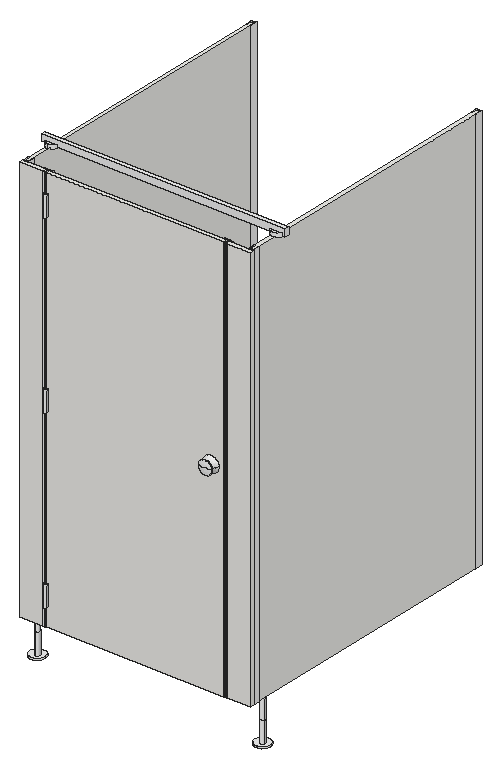
Revit family "Alsanit - Kabiny sanitarne LIFT - LPW", category Doors, Revit 2020 (continued)
Definition of nested family "front"
  Forms (mm)
    Extrusion 7, solid, material <- "Materiał okuć", detail levels fine
      sketch origin (42.235, -68.236, -0.053) x (-0.601815, 0.798636, 0) y (0, 0, -1)
        loop
          arc (99.218, -1782.976) -> (102.86, -1785.747) -> (104.856, -1789.865) r 9.85
      from 0 to -7.113
    Extrusion 8, solid, material <- "Materiał okuć", detail levels fine
      sketch origin (-42.235, -68.236, -0.053) x (0.601815, 0.798636, 0) y (0, 0, 1)
        loop
          arc (104.856, 1789.865) -> (102.86, 1785.747) -> (99.218, 1782.976) r 9.85
          arc (99.218, 1782.976) -> (92.474, 1781.484) -> (85.678, 1782.715) r 17.523
          line (85.678, 1782.715) -> (85.678, 1777.445) -> (92.979, 1777.445)
          arc (92.979, 1777.445) -> (100.618, 1778.3) -> (108.108, 1780.03) r 66.588
          arc (108.108, 1780.03) -> (112.823, 1783.23) -> (114.787, 1788.58) r 9.3
          arc (114.787, 1788.58) -> (110.41, 1793.768) -> (104.856, 1789.865) r 5.027
      from 0 to -7.113
    Revolve 9, solid, material <- "Materiał okuć", visible <- "Drzwi wewnętrzne", detail levels fine
      sketch origin (-489.895, 7, 1200) x (-1, 0, 0) y (0, 0, -1)
        loop
          line (-32.895, 43.25) -> (-32.895, 136.75) -> (-39.895, 136.75) -> (-39.895, 43.25) -> (-32.895, 43.25)
        loop
          line (-32.895, 833.25) -> (-32.895, 926.75) -> (-39.895, 926.75) -> (-39.895, 833.25) -> (-32.895, 833.25)
        loop
          line (-32.895, -746.75) -> (-32.895, -653.25) -> (-39.895, -653.25) -> (-39.895, -746.75) -> (-32.895, -746.75)
        axis (-39.895, -746.75) -> (-39.895, 926.75)
      angle from 0 to 360
    Revolve 10, solid, material <- "Materiał okuć", detail levels fine
      sketch origin (0, 0, 1110) x (1, 0, 0) y (0, 1, 0)
        loop
          line (461.5, 0) -> (469.5, 0) -> (469.5, 18) -> (448.5, 18) -> (448.5, 13) -> (463.5, 13) -> (463.5, 7) -> (461.5, 7) -> (461.5, 0)
        axis (469.5, 0) -> (469.5, 18)
      angle from 0 to 360
    Sweep 11, solid, material <- "Materiał okuć", detail levels fine
      path origin (0, 0, 0) x (1, 0, 0) y (0, 1, 0)
        loop
          line (393, 12) -> (393, 32)
      profile origin (393, 22, 0) x (-1, 0, 0) y (0, 0, 1)
        loop
          arc (20.5, 1118.773) -> (-10.746, 1124) -> (-42, 1118.822) r 96.453
          arc (-42, 1118.822) -> (-48.309, 1110) -> (-42, 1101.178) r 9.322
          arc (-42, 1101.178) -> (-9.312, 1096.012) -> (23.199, 1102.199) r 96.453
          arc (23.199, 1102.199) -> (26.818, 1111.295) -> (20.5, 1118.773) r 9.519
    SweptBlend 12, solid, material <- "Materiał okuć", detail levels fine
      path origin (0, 0, 0) x (1, 0, 0) y (0, 1, 0)
        loop
          line (393, 32) -> (393, 42)
      profile origin (393, 32, 0) x (-1, 0, 0) y (0, 0, 1)
        loop
          arc (-42, 1101.178) -> (-9.312, 1096.012) -> (23.199, 1102.199) r 96.453
          arc (23.199, 1102.199) -> (26.818, 1111.295) -> (20.5, 1118.773) r 9.519
          arc (20.5, 1118.773) -> (-10.746, 1124) -> (-42, 1118.822) r 96.453
          arc (-42, 1118.822) -> (-48.309, 1110) -> (-42, 1101.178) r 9.322
      end profile origin (393, 42, 0) x (-1, 0, 0) y (0, 0, 1)
        loop
          arc (18.881, 1114.042) -> (-10.748, 1119) -> (-40.384, 1114.09) r 91.453
          arc (-40.384, 1114.09) -> (-43.309, 1110) -> (-40.384, 1105.91) r 4.322
          arc (-40.384, 1105.91) -> (-9.822, 1101.005) -> (20.625, 1106.577) r 91.453
          arc (20.625, 1106.577) -> (21.823, 1110.793) -> (18.881, 1114.042) r 4.519
  Cuts and joins
    joined: Revolve 4, Sweep 5, Sweep 11, SweptBlend 12
    joined: Extrusion 6, Extrusion 7, Extrusion 8
  Lines and regions (mm)
    symbolic lines, visible <- "Drzwi zewnętrzne"
      curve 1: line (-450, -10, 0) -> (-450, -910, 0)
      curve 2: line (-450, -10, 0) -> (450, -10, 0)
      curve 3: arc (-450, -910, 0) -> (186.396, -646.396, 0) -> (450, -10, 0) r 900
    symbolic lines, visible <- "Drzwi wewnętrzne"
      curve 4: line (-450, 0, 0) -> (-450, 900, 0)
      curve 5: line (-450, 0, 0) -> (450, 0, 0)
      curve 6: arc (450, 0, 0) -> (186.396, 636.396, 0) -> (-450, 900, 0) r 900
  Dimensions and locks
    "Wysokość dolnej szczeliny": plane 5 to plane 2
    "Wysokość drzwi": plane 6 to plane 2
    "Grubość ścianki": plane 4 to plane 1 "Center (Front/Back)"
    locked: plane 9 to plane 7 at 57
    "Szerokość drzwi": plane 8 to plane 7
    equal spacing: plane 8, plane 3 "Center (Left/Right)", plane 7
    locked: plane 4 to plane 10 at 7
    plane 1 "Center (Front/Back)" to plane 13 to plane 12 = 7.00 mm locked, 5.00 mm locked
    locked: plane 9 to plane 15 at 76.5
    plane 6 to plane 16 to plane 17 = 83.25 mm locked, 93.50 mm locked
    locked: plane 14 to level at 1110
    "Szerokość drzwi": plane 4 to plane 18
    "Szerokość drzwi": plane 1 "Center (Front/Back)" to plane 19
    plane 9 to Revolve 4 sketch curve = 35.00 mm
    locked: plane 20 to plane 12 at 20
    locked: plane 21 to plane 20 at 10
    aligned and locked: level to plane 2
    aligned and locked: plane 6 to Sweep 1 sketch curve
    aligned and locked: plane 3 "Center (Left/Right)" to Sweep 1 sketch curve
    aligned and locked: plane 5 to Sweep 1 sketch curve
    aligned and locked: Sweep 1 sketch curve to plane 8
    aligned and locked: Sweep 1 sketch curve to plane 7
    aligned and locked: plane 8 to Revolve 3 sketch curve  (x2)
    aligned and locked: Sweep 1 sketch curve to plane 4
    aligned and locked: plane 13 to Sweep 5 sketch curve
    aligned and locked: plane 12 to Sweep 5 sketch curve
    aligned and locked: plane 7 to Sweep 5 sketch curve
    aligned and locked: plane 13 to Extrusion 6
    aligned and locked: plane 1 "Center (Front/Back)" to Extrusion 6
    aligned and locked: plane 15 to Revolve 10 sketch curve
    aligned and locked: Revolve 10 sketch curve to plane 15
    aligned and locked: plane 17 to Revolve 3 sketch curve
    aligned and locked: Revolve 3 sketch curve to plane 16
    aligned and locked: plane 8 to curve 1
    aligned and locked: curve 2 to plane 4
    aligned and locked: plane 7 to curve 2
    aligned and locked: plane 18 to curve 1
    aligned and locked: curve 4 to plane 8
    aligned and locked: plane 1 "Center (Front/Back)" to curve 5
    aligned and locked: plane 7 to curve 5
    aligned and locked: plane 12 to Sweep 11 sketch curve
    aligned and locked: plane 20 to Sweep 11 sketch curve
    aligned and locked: plane 9 to Sweep 11 sketch curve
    aligned and locked: plane 21 to SweptBlend 12 sketch curve
    aligned and locked: plane 20 to SweptBlend 12 sketch curve
    aligned and locked: plane 9 to SweptBlend 12 sketch curve
  Automatic sketch dimensions
    plane 8 to Revolve 3 sketch curve = 0.00 mm  (x2)
    Revolve 3 sketch curve to Revolve 3 sketch curve = 7.00 mm  (x3)
    Revolve 3 sketch curve to plane 5 = 85.25 mm
    Revolve 3 sketch curve to Revolve 3 sketch curve = 93.50 mm
    Revolve 3 sketch curve to Revolve 3 sketch curve = 31.50 mm
    Revolve 3 sketch curve to Revolve 3 sketch curve = 20.00 mm
    Sweep 5 sketch curve to profile plane = 0.00 mm
    profile plane to Sweep 5 sketch curve = 4.314 mm  (x2)
    profile plane to Sweep 5 sketch curve = 1.866 mm
    Sweep 5 sketch curve to profile plane = 23.373 mm
    Sweep 5 sketch curve to profile plane = 48.128 mm
    Sweep 5 sketch curve to profile plane = 8.829 mm
    profile plane to Sweep 5 sketch curve = 23.373 mm
    Extrusion 6 sketch curve to plane 3 "Center (Left/Right)" = 0.00 mm
    Extrusion 6 sketch curve to plane 3 "Center (Left/Right)" = 9.496 mm
    Extrusion 6 sketch curve to Extrusion 6 sketch curve = 4.01 mm  (x2)
    plane 3 "Center (Left/Right)" to Extrusion 6 sketch curve = 9.496 mm
    Extrusion 6 sketch curve to plane 6 = 252.608 mm
    Extrusion 6 sketch curve to Extrusion 6 sketch curve = 5.253 mm  (x2)
    Extrusion 6 sketch curve to Extrusion 6 sketch curve = 8.198 mm  (x2)
    Extrusion 6 sketch curve to Extrusion 6 sketch curve = 9.245 mm
    Extrusion 6 sketch curve to Extrusion 6 sketch curve = 0.00 mm
    Extrusion 7 sketch curve to plane 6 = 252.608 mm
    Extrusion 7 sketch curve to Extrusion 7 sketch curve = 3.724 mm
    Extrusion 7 sketch curve to Extrusion 7 sketch curve = 6.458 mm
    Extrusion 7 sketch curve to Extrusion 7 sketch curve = 7.301 mm
    Extrusion 7 sketch curve to Extrusion 7 sketch curve = 3.101 mm
    Extrusion 7 sketch curve to Extrusion 7 sketch curve = 10.258 mm
    Extrusion 7 sketch curve to Extrusion 7 sketch curve = 4.27 mm
    Extrusion 7 sketch curve to Extrusion 7 sketch curve = 5.269 mm
    Extrusion 7 sketch curve to Extrusion 7 sketch curve = 11.338 mm
    Extrusion 7 sketch curve to Extrusion 7 sketch curve = 0.173 mm
    Extrusion 7 sketch curve to Extrusion 7 sketch curve = 3.03 mm
    Extrusion 7 sketch curve to Extrusion 7 sketch curve = 7.018 mm
    Extrusion 7 sketch curve to Extrusion 7 sketch curve = 44.934 mm
    Extrusion 7 sketch curve to Extrusion 7 sketch curve = 0.00 mm  (x3)
    Extrusion 8 sketch curve to plane 6 = 252.608 mm
    Extrusion 8 sketch curve to Extrusion 8 sketch curve = 3.724 mm
    Extrusion 8 sketch curve to Extrusion 8 sketch curve = 6.458 mm
    Extrusion 8 sketch curve to Extrusion 8 sketch curve = 7.301 mm
    Extrusion 8 sketch curve to Extrusion 8 sketch curve = 3.101 mm
    Extrusion 8 sketch curve to Extrusion 8 sketch curve = 10.258 mm
    Extrusion 8 sketch curve to Extrusion 8 sketch curve = 4.27 mm
    Extrusion 8 sketch curve to Extrusion 8 sketch curve = 5.269 mm
    Extrusion 8 sketch curve to Extrusion 8 sketch curve = 11.338 mm
    Extrusion 8 sketch curve to Extrusion 8 sketch curve = 0.173 mm
    Extrusion 8 sketch curve to Extrusion 8 sketch curve = 3.03 mm
    Extrusion 8 sketch curve to Extrusion 8 sketch curve = 7.018 mm
    Extrusion 8 sketch curve to Extrusion 8 sketch curve = 44.934 mm
    Extrusion 8 sketch curve to Extrusion 8 sketch curve = 0.00 mm  (x3)
    plane 8 to Revolve 9 sketch curve = 0.00 mm  (x4)
    Revolve 9 sketch curve to Revolve 9 sketch curve = 7.00 mm  (x3)
    Revolve 9 sketch curve to plane 6 = 83.25 mm
    Revolve 9 sketch curve to Revolve 9 sketch curve = 93.50 mm
    plane 14 to Revolve 9 sketch curve = 46.75 mm
    Revolve 9 sketch curve to plane 14 = 46.75 mm
    Revolve 9 sketch curve to plane 5 = 178.75 mm
    Revolve 9 sketch curve to plane 5 = 85.25 mm
    Revolve 9 sketch curve to Revolve 9 sketch curve = 20.00 mm
    Revolve 9 sketch curve to Revolve 9 sketch curve = 31.50 mm
    plane 14 to Revolve 3 sketch curve = 46.75 mm
    Revolve 3 sketch curve to plane 14 = 46.75 mm
    plane 1 "Center (Front/Back)" to Sweep 1 sketch curve = 0.00 mm
    plane 1 "Center (Front/Back)" to Revolve 10 sketch curve = 0.00 mm
    Revolve 10 sketch curve to plane 13 = 0.00 mm
    plane 12 to Revolve 10 sketch curve = 1.00 mm
    plane 15 to Revolve 10 sketch curve = 6.00 mm
    Revolve 10 sketch curve to Revolve 10 sketch curve = 2.00 mm
    Revolve 10 sketch curve to plane 7 = 1.50 mm
    plane 12 to Revolve 10 sketch curve = 6.00 mm
    Revolve 10 sketch curve to plane 12 = 4.00 mm
    Revolve 10 sketch curve to Revolve 10 sketch curve = 15.00 mm
    Revolve 2 sketch curve to plane 4 = 0.00 mm
    Revolve 2 sketch curve to plane 9 = 0.00 mm  (x2)
    plane 15 to Revolve 2 sketch curve = 1.746 mm
    Revolve 2 sketch curve to plane 10 = 15.315 mm
    Revolve 2 sketch curve to plane 10 = 24.00 mm
    Revolve 2 sketch curve to Revolve 2 sketch curve = 25.00 mm
    Revolve 2 sketch curve to Revolve 2 sketch curve = 10.00 mm
    Revolve 2 sketch curve to plane 7 = 27.00 mm
    Revolve 4 sketch curve to plane 9 = 0.00 mm  (x3)
    Revolve 4 sketch curve to plane 12 = 0.00 mm
    plane 1 "Center (Front/Back)" to Revolve 4 sketch curve = 0.00 mm
    plane 9 to Revolve 4 sketch curve = 2.208 mm
    Revolve 4 sketch curve to plane 7 = 27.00 mm
    Revolve 4 sketch curve to plane 12 = 3.732 mm
    Revolve 4 sketch curve to Revolve 4 sketch curve = 6.65 mm
    Revolve 4 sketch curve to plane 10 = 24.00 mm
    Revolve 4 sketch curve to Revolve 4 sketch curve = 2.00 mm
    Revolve 4 sketch curve to Revolve 4 sketch curve = 5.00 mm
    Revolve 4 sketch curve to Revolve 4 sketch curve = 20.00 mm
    Revolve 4 sketch curve to Revolve 4 sketch curve = 10.00 mm
    profile plane to Sweep 11 sketch curve = 38.987 mm
    profile plane to Sweep 11 sketch curve = 10.822 mm  (x2)
    Sweep 11 sketch curve to profile plane = 17.423 mm
    level to Sweep 11 sketch curve = 1027.547 mm
    Sweep 11 sketch curve to Sweep 11 sketch curve = 82.218 mm
    Sweep 11 sketch curve to Sweep 11 sketch curve = 0.235 mm
    Sweep 11 sketch curve to Sweep 11 sketch curve = 3.013 mm  (x2)
    Sweep 11 sketch curve to Sweep 11 sketch curve = 0.00 mm  (x2)
    Sweep 11 sketch curve to Sweep 11 sketch curve = 3.077 mm
    Sweep 11 sketch curve to Sweep 11 sketch curve = 5.776 mm
    profile plane to SweptBlend 12 sketch curve = 38.987 mm  (x2)
    profile plane to SweptBlend 12 sketch curve = 10.822 mm  (x4)
    level to SweptBlend 12 sketch curve = 1027.547 mm  (x2)
    SweptBlend 12 sketch curve to SweptBlend 12 sketch curve = 82.453 mm
    SweptBlend 12 sketch curve to SweptBlend 12 sketch curve = 3.013 mm  (x2)
    SweptBlend 12 sketch curve to SweptBlend 12 sketch curve = 0.00 mm  (x4)
    SweptBlend 12 sketch curve to profile plane = 20.50 mm
    SweptBlend 12 sketch curve to SweptBlend 12 sketch curve = 2.699 mm
    SweptBlend 12 sketch curve to SweptBlend 12 sketch curve = 3.077 mm
    SweptBlend 12 sketch curve to profile plane = 17.423 mm
    SweptBlend 12 sketch curve to SweptBlend 12 sketch curve = 82.218 mm
    SweptBlend 12 sketch curve to SweptBlend 12 sketch curve = 0.235 mm
    SweptBlend 12 sketch curve to SweptBlend 12 sketch curve = 1.397 mm
    SweptBlend 12 sketch curve to SweptBlend 12 sketch curve = 1.458 mm
    SweptBlend 12 sketch curve to SweptBlend 12 sketch curve = 3.202 mm
Types (2, lengths in mm): name | Thickness | Szerokość zewnętrzna modułu | Prawe odsunięcie osi | Odsunięcie prawej ścianki od osi (min. 60 mm) | Lewe odsunięcie osi | Odsunięcie lewej ścianki od osi (min. 60 mm) | Grubość ścianki
  18 mm | 18.00 | 1042.00 | 12.00 | 102.00 | 12.00 | 102.00 | 18.00
  28 mm | 28.00 | 1062.00 | 17.00 | 107.00 | 17.00 | 107.00 | 28.00
